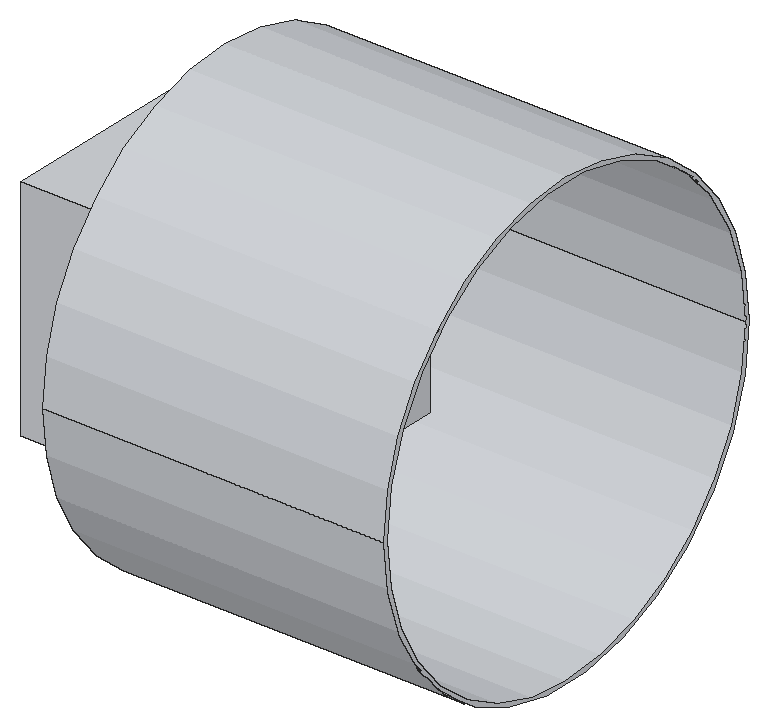
Revit family "RDS", category Duct Accessories, Revit 2021
Family settings
  Round Connector Dimension = Use Diameter
  Part Type = Attaches To
  Work Plane-Based = Yes
  Always vertical = Yes
  Cut with Voids When Loaded = No
  Shared = No
Parameters
  TS_Point_Number [instance] = GTP_PointNumber_0  # ""
  TS_Point_Description [instance] = "RDS"
  Length [instance] = 0' - 1 1/2"
  Inner Diameter [instance] = Diameter - 0' 0 1/32"  # 0' - 1 31/32"
  GTP_PointRole_0 [instance] = ""
  GTP_PointNumber_0 [instance] = ""
  GTP_PointElement_0 [instance] = ""
  GTP_LinkedParam_0 [instance] = "GTP_PointNumber_0"
  Diameter [instance] = 0' - 2"
  Default Elevation = 4' - 0"
Reference planes (in)
  plane 1 "Center (Front/Back)": y = 0
  plane 2: z = 0
  plane 3 "Center (Left/Right)": x = 0
  plane 4: x = 1.5
Forms (in)
  Extrusion 1, solid
    sketch origin (0, 0, 3) x (0, 1, 0) y (0, 0, 1)
      loop
        circle (0, -3) r 1
      loop
        circle (0, -3) r 0.98438
    from 1.5 to 0
Dimensions and locks (in)
  "Length": plane 3 "Center (Left/Right)" to plane 4
  "Diameter": diameter of Extrusion 1 sketch curve
  "Inner Diameter": diameter of Extrusion 1 sketch curve
  aligned and locked: plane 2 to level
  aligned and locked: Extrusion 1 to plane 4
  aligned and locked: plane 3 "Center (Left/Right)" to Extrusion 1
Automatic sketch dimensions
  Extrusion 1 sketch curve to Extrusion 1 sketch curve = 0' - 0"  (x2)
  Extrusion 1 sketch curve to level = 0' - 0"
  Extrusion 1 sketch curve to plane 1 "Center (Front/Back)" = 0' - 0"
Nested families (in)
  nested 1: "GTP" at (0, 0, 0), PointNumber <- "GTP_PointNumber_0", PointRole <- "GTP_PointRole_0", PointElement <- "GTP_PointElement_0", LinkedParam <- "GTP_LinkedParam_0", PointDescription <- "TS_Point_Description", type "Generic Pt"
    with PointRole "", PointNumber "", PointElement "", PointDescription "RDS", LinkedParam "GTP_PointNumber_0"
Definition of nested family "GTP"
  Parameters (values of type "Generic Pt")
    URL = ""
    PointRole [instance] = "Stake Out"
    PointNumber [instance] = ""
    PointElement [instance] = ""
    PointDescription [instance] = "Generic Pt"
    Manufacturer = "Autodesk Inc."
    LinkedParam [instance] = ""
    Default Elevation = 0' - 0"
  Reference planes (in)
    plane 1 "Center (Front/Back)": y = 0
    plane 2: z = 0
    plane 3 "Center (Left/Right)": x = 0
  Forms (in)
    Extrusion 1, solid, detail levels medium+fine
      sketch origin (0, 0, 0) x (1, 0, 0) y (0, 1, 0)
        loop
          line (0.5, -0.5) -> (0.5, 0.5) -> (-0.5, 0.5) -> (-0.5, -0.5) -> (0.5, -0.5)
      from -0.5 to 0.5
  Lines and regions (in)
    model lines, detail levels coarse+medium
      curve 1: line (0, 0.5, 0) -> (0, 0, 0)
      curve 2: line (-0.5, 0, 0) -> (0, 0, 0)
      curve 3: line (0, 0, -0.5) -> (0, 0, 0)
      curve 4: line (0, 0, 0) -> (0.5, 0, 0)
      curve 5: line (0, 0, 0) -> (0, -0.5, 0)
      curve 6: line (0, 0, 0) -> (0, 0, 0.5)
